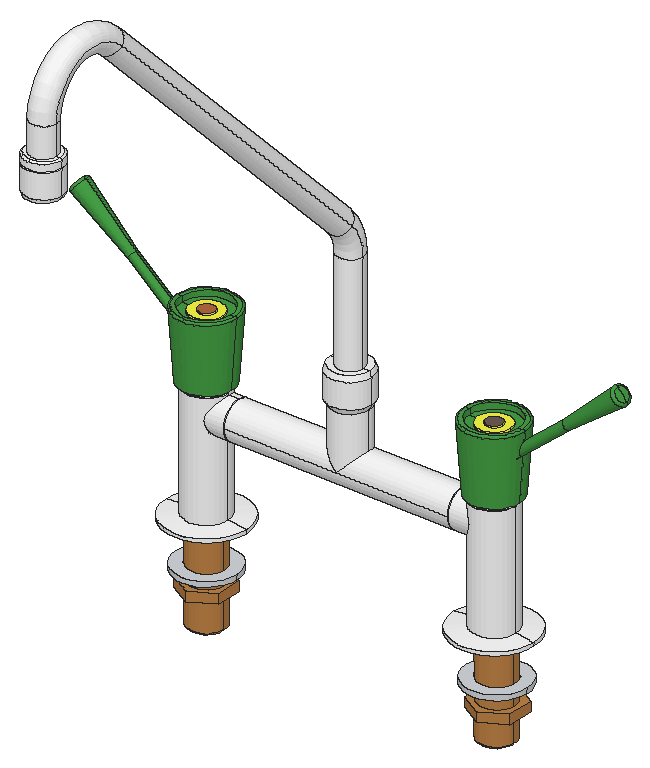
Revit family "910078MIX-W", category Plumbing Fixtures, Revit 2015
Parameters (values of type "910078MIX-W")
  Width = "378mm"
  URL = "www.sales@arboles.co.uk"
  Standout = "240mm"
  Spare headwork right = "Pt No 950150"
  Spare headwork left = "Pt No 950149"
  Spare lever = "Pt No 190002"
  Shanks = "2 x 1/2\" BSP x 60mm Long flat ended"
  Pressure = "100PSI"
  Overall height = "325mm"
  Model = "910078MIX-W"
  Material = "Brass with Rilsan plastic coated"
  Manufacturer = "Arboles UK Ltd Tel: 01204 388814, Email: sales@arboles.co.uk"
  Flange Dia = "50mm"
  Description = "Lever H pattern balance flow mixer, swivel swanneck aerated nozzle WRAS"
  Depth = "275mm"
  Default Elevation = 1219.2 mm
  Colour = "White RAL 9016"
  Centres = "178mm"
  Base to nozzle = "200mm"
Reference planes
  plane 1 "Center (Front/Back)": y = 0
  plane 2: z = 0
  plane 3 "Center (Left/Right)": x = 0
Dimensions and locks
  aligned and locked: level to plane 2
Nested families
  nested 1: "78 MIXER TEE" at (-70, 0, 62), type "78 MIXER TEE"
  nested 2: "78 BODY LEFT" at (-90, 0, 0), type "78 BODY LEFT"
  nested 3: "78 BODY RIGHT" at (90, 0, 0), type "78 BODY RIGHT"
  nested 4: "78 MIXER SNK" at (0, 0, 118.161), type "78 MIXER SNK"
  nested 5: "78 Aerated nozz" at (0, -240, 319.382), type "78 Aerated nozz"
  nested 6: "water shank front" at (-90, 0, -60), type "water shank front"
  nested 7: "water shank front" at (91.623, 0, -60), type "water shank front"
  nested 8: "WAHER WASHER PLAN" at (-90, 0, -28.267), type "WAHER WASHER PLAN"
  nested 9: "WAHER WASHER PLAN" at (91.716, 0, -28.062), type "WAHER WASHER PLAN"
  nested 10: "WATER BACKNUT PLAN" at (-90, 0, -40), type "WATER BACKNUT PLAN"
  nested 11: "WATER BACKNUT PLAN" at (92.329, 0, -43.591), type "WATER BACKNUT PLAN"
  nested 12: "Water lever hot" at (-90, 0, 77.04), type "Water lever hot"
  nested 13: "Water lever cold" at (90, 0, 77.04), type "Water lever cold"
Definition of nested family "78 MIXER TEE"
  Reference planes
    plane 1 "Center (Front/Back)": y = 0
    plane 2: z = 0
    plane 3 "Center (Left/Right)": x = 0
  Forms (mm)
    Extrusion 1, solid
      sketch origin (0, 0, 0) x (0, 1, 0) y (0, 0, 1)
        loop
          circle (0, 0) r 11.5
      from 0 to 140
    Revolve 2, solid
      sketch origin (0, 0, 0) x (1, 0, 0) y (0, 0, 1)
        loop
          line (70, 0) -> (81.5, 0) -> (81.5, 34) -> (83.479, 37.427) -> (83.479, 52.84) -> (82.287, 56.161) -> (70, 56.161) -> (70, 0)
        axis (70, 56.161) -> (70, 0)
      angle from 0 to 360
  Dimensions and locks
    aligned and locked: level to plane 2
Definition of nested family "78 BODY LEFT"
  Reference planes
    plane 1 "Center (Front/Back)": y = 0
    plane 2: z = 0
    plane 3 "Center (Left/Right)": x = 0
  Forms (mm)
    Revolve 1, solid
      sketch origin (0, 0, 0) x (1, 0, 0) y (0, 0, 1)
        loop
          line (0, 0) -> (25, 0) -> (25, 2.012) -> (13.493, 3.304) -> (13.493, 74.304) -> (12.385, 74.304) -> (12.385, 77.04) -> (0, 77.04) -> (0, 0)
        axis (0, 77.04) -> (0, 0)
      angle from 0 to 360
    Revolve 2, solid
      sketch origin (0, 0, 0) x (1, 0, 0) y (0, 0, 1)
        loop
          line (0, 50.5) -> (20, 50.5) -> (20, 62) -> (0, 62) -> (0, 50.5)
        axis (0, 62) -> (20, 62)
      angle from 0 to 360
  Dimensions and locks
    aligned and locked: level to plane 2
Definition of nested family "78 BODY RIGHT"
  Reference planes
    plane 1 "Center (Front/Back)": y = 0
    plane 2: z = 0
    plane 3 "Center (Left/Right)": x = 0
  Forms (mm)
    Revolve 1, solid
      sketch origin (0, 0, 0) x (1, 0, 0) y (0, 0, 1)
        loop
          line (0, 0) -> (25, 0) -> (25, 2.012) -> (13.493, 3.304) -> (13.493, 74.304) -> (12.385, 74.304) -> (12.385, 77.04) -> (0, 77.04) -> (0, 0)
        axis (0, 77.04) -> (0, 0)
      angle from 0 to 360
    Revolve 2, solid
      sketch origin (-20, 0, 0) x (1, 0, 0) y (0, 0, 1)
        loop
          line (0, 50.5) -> (20, 50.5) -> (20, 62) -> (0, 62) -> (0, 50.5)
        axis (0, 62) -> (20, 62)
      angle from 0 to 360
  Dimensions and locks
    aligned and locked: level to plane 2
Definition of nested family "78 MIXER SNK"
  Reference planes
    plane 1 "Center (Front/Back)": y = 0
    plane 2: z = 0
    plane 3 "Center (Left/Right)": x = 0
  Forms (mm)
    Sweep 1, solid
      path origin (0, 0, 0) x (0, 1, 0) y (0, 0, 1)
        loop
          line (0, 0) -> (0, 62.574)
          arc (0, 62.574) -> (-2.284, 74.054) -> (-8.787, 83.787) r 30
          line (-8.787, 83.787) -> (-188.787, 263.787)
          arc (-188.787, 263.787) -> (-221.481, 270.29) -> (-240, 242.574) r 30
          line (-240, 242.574) -> (-240, 224.264)
      profile origin (0, 0, 31.287) x (0, -1, 0) y (1, 0, 0)
        loop
          circle (0, 0) r 8
  Dimensions and locks
    aligned and locked: level to plane 2
Definition of nested family "78 Aerated nozz"
  Reference planes
    plane 1 "Center (Front/Back)": y = 0
    plane 2: z = 0
    plane 3 "Center (Left/Right)": x = 0
  Forms (mm)
    Revolve 1, solid
      sketch origin (0, 0, 0) x (1, 0, 0) y (0, 0, 1)
        loop
          line (0, 0) -> (10.876, 0) -> (11.5, 2.039) -> (11.5, 17) -> (8.747, 17) -> (8.747, 17.975) -> (11.5, 17.975) -> (11.5, 21.987) -> (10.444, 23.043) -> (0, 23.043) -> (0, 0)
        axis (0, 23.043) -> (0, 0)
      angle from 0 to 360
  Dimensions and locks
    aligned and locked: level to plane 2
Definition of nested family "water shank front"
  Reference planes
    plane 1 "Center (Front/Back)": y = 0
    plane 2: z = 0
    plane 3 "Center (Left/Right)": x = 0
  Forms (mm)
    Revolve 1, solid
      sketch origin (0, 0, 0) x (1, 0, 0) y (0, 0, 1)
        loop
          line (0, 20) -> (7.5, 20) -> (7.5, 0) -> (9.847, 0) -> (11, 1.153) -> (11, 60) -> (0, 60) -> (0, 20)
        axis (0, 60) -> (0, 0)
      angle from 0 to 360
  Dimensions and locks
    aligned and locked: level to plane 2
Definition of nested family "WAHER WASHER PLAN"
  Reference planes
    plane 1 "Center (Front/Back)": y = 0
    plane 2: z = 0
    plane 3 "Center (Left/Right)": x = 0
  Forms (mm)
    Extrusion 1, solid
      sketch origin (0, 0, 0) x (1, 0, 0) y (0, 1, 0)
        loop
          circle (0, 0) r 19
      from 0 to 3
    Extrusion 2, void
      sketch origin (0, 0, 0) x (1, 0, 0) y (0, 1, 0)
        loop
          circle (0, 0) r 11.5
      from 0 to 3
  Cuts and joins
    Extrusion 2 cuts Extrusion 1
  Dimensions and locks
    aligned and locked: level to plane 2
Definition of nested family "WATER BACKNUT PLAN"
  Reference planes
    plane 1 "Center (Front/Back)": y = 0
    plane 2: z = 0
    plane 3 "Center (Left/Right)": x = 0
  Forms (mm)
    Extrusion 1, solid
      sketch origin (0, 0, 0) x (1, 0, 0) y (0, 1, 0)
        loop
          line (14, 8.083) -> (0, 16.166) -> (-14, 8.083) -> (-14, -8.083) -> (0, -16.166) -> (14, -8.083) -> (14, 8.083)
      from 0 to 6
    Extrusion 2, void
      sketch origin (0, 0, 0) x (1, 0, 0) y (0, 1, 0)
        loop
          circle (0, 0) r 10
      from 0 to 6
  Cuts and joins
    Extrusion 2 cuts Extrusion 1
  Dimensions and locks
    aligned and locked: level to plane 2
Definition of nested family "Water lever hot"
  Reference planes
    plane 1 "Center (Front/Back)": y = 0
    plane 2: z = 0
    plane 3 "Center (Left/Right)": x = 0
  Forms (mm)
    Revolve 1, solid
      sketch origin (0, 0, 0) x (1, 0, 0) y (0, 0, 1)
        loop
          line (0, 0) -> (16, 0) -> (18.92, 40.881)
          arc (18.92, 40.881) -> (18.643, 41.667) -> (17.878, 42) r 1.045
          line (17.878, 42) -> (15.5, 42) -> (15.5, 38.526) -> (0, 38.526) -> (0, 0)
        axis (0, 42) -> (0, 0)
      angle from 0 to 360
    Revolve 2, solid
      sketch origin (0, 0, 0) x (-1, 0, 0) y (0, 0, 1)
        loop
          line (80.435, 83.519) -> (77.249, 86.705)
          arc (77.249, 86.705) -> (76.185, 87.152) -> (75.112, 86.728) r 1.527
          line (75.112, 86.728) -> (44.006, 56.926) -> (-2.16, 18.187) -> (0, 16.027) -> (80.435, 83.519)
        axis (-0.204, 15.856) -> (80.435, 83.519)
      angle from 0 to 360
    Extrusion 3, solid
      sketch origin (0, 0, 38.526) x (1, 0, 0) y (0, 1, 0)
        loop
          circle (0, 0) r 10
      from 0 to 1
    Extrusion 4, solid
      sketch origin (0, 0, 38.526) x (1, 0, 0) y (0, 1, 0)
        loop
          circle (0, 0) r 5
      from 0 to 1.5
  Dimensions and locks
    aligned and locked: level to plane 2
Definition of nested family "Water lever cold"
  Reference planes
    plane 1 "Center (Front/Back)": y = 0
    plane 2: z = 0
    plane 3 "Center (Left/Right)": x = 0
  Forms (mm)
    Revolve 1, solid
      sketch origin (0, 0, 0) x (1, 0, 0) y (0, 0, 1)
        loop
          line (0, 0) -> (16, 0) -> (18.92, 40.881)
          arc (18.92, 40.881) -> (18.643, 41.667) -> (17.878, 42) r 1.045
          line (17.878, 42) -> (15.5, 42) -> (15.5, 38.526) -> (0, 38.526) -> (0, 0)
        axis (0, 42) -> (0, 0)
      angle from 0 to 360
    Revolve 2, solid
      sketch origin (0, 0, 0) x (1, 0, 0) y (0, 0, 1)
        loop
          line (80.435, 83.519) -> (77.249, 86.705)
          arc (77.249, 86.705) -> (76.185, 87.152) -> (75.112, 86.728) r 1.527
          line (75.112, 86.728) -> (44.006, 56.926) -> (-2.16, 18.187) -> (0, 16.027) -> (80.435, 83.519)
        axis (-0.204, 15.856) -> (80.435, 83.519)
      angle from 0 to 360
    Extrusion 3, solid
      sketch origin (0, 0, 38.526) x (1, 0, 0) y (0, 1, 0)
        loop
          circle (0, 0) r 10
      from 0 to 1
    Extrusion 4, solid
      sketch origin (0, 0, 38.526) x (1, 0, 0) y (0, 1, 0)
        loop
          circle (0, 0) r 5
      from 0 to 1.5
  Dimensions and locks
    aligned and locked: level to plane 2
